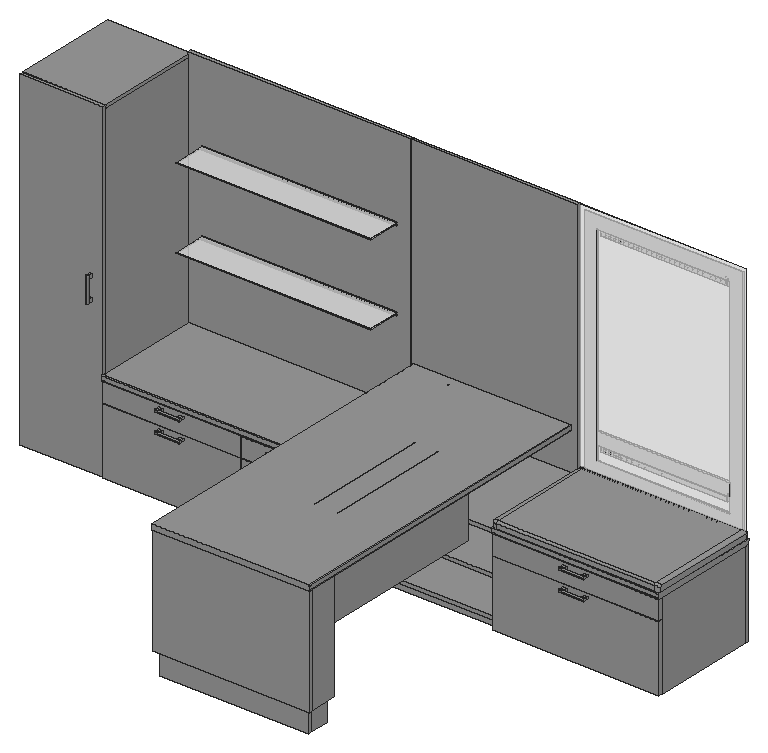
Revit family "JSI-Vision-Typical_Laminate-VST135", category Furniture, Revit 2020 (continued)
Definition of nested family "JSI-Vision-Wall_Panel_Markerboard_Laminate-Glass_Shelf"
  Automatic sketch dimensions
    plane 1 "Center Front/Back" to Extrusion 4 sketch curve = 0.03197"  (x14)
    Extrusion 5 sketch curve to plane 1 "Center Front/Back" = 0"  (x2)
    Extrusion 5 sketch curve to Extrusion 5 sketch curve = 0.03197"  (x14)
    Extrusion 6 sketch curve to plane 1 "Center Front/Back" = 0"  (x2)
    Extrusion 6 sketch curve to Extrusion 6 sketch curve = 0.03197"  (x14)
    Extrusion 6 sketch curve to plane 5 = 2 7/8"
    plane 8 to Extrusion 6 sketch curve = 4 7/8"
    Extrusion 7 sketch curve to plane 7 = 0"
    plane 7 to Extrusion 7 sketch curve = 0.03875"  (x2)
    plane 1 "Center Front/Back" to Extrusion 7 sketch curve = 0.18812"
    Extrusion 7 sketch curve to plane 10 = 0.11811"
    Extrusion 7 sketch curve to Extrusion 7 sketch curve = 0.03875"
    plane 10 to Extrusion 7 sketch curve = 0.07874"
    plane 10 to Extrusion 7 sketch curve = 0.11811"
    plane 10 to Extrusion 8 sketch curve = 0.1829"
    plane 1 "Center Front/Back" to Extrusion 8 sketch curve = 0.99939"
    Extrusion 8 sketch curve to plane 10 = 0.1829"
    Extrusion 8 sketch curve to Extrusion 8 sketch curve = 0"
    Extrusion 8 sketch curve to Extrusion 8 sketch curve = 0.26706"  (x2)
    Extrusion 8 sketch curve to Extrusion 8 sketch curve = 0.16855"  (x2)
    plane 1 "Center Front/Back" to Extrusion 8 sketch curve = 0.2"  (x2)
    plane 1 "Center Front/Back" to Extrusion 8 sketch curve = 0.12906"
    Extrusion 8 sketch curve to Extrusion 8 sketch curve = 0.09512"  (x2)
    plane 1 "Center Front/Back" to Extrusion 8 sketch curve = 0.03647"
    Extrusion 8 sketch curve to Extrusion 8 sketch curve = 0.15251"  (x2)
    Extrusion 8 sketch curve to Extrusion 8 sketch curve = 0.4589"  (x2)
    Extrusion 8 sketch curve to Extrusion 8 sketch curve = 0.07343"  (x2)
    Extrusion 8 sketch curve to Extrusion 8 sketch curve = 0.47224"  (x2)
Definition of nested family "JSI-Vision-Box_File_Modular_Bench_Pedestal"
  Parameters (values of type "Type Catalog")
    Width = 18"
    URL = "www.jsifurniture.com"
    Top = none
    Tag = "BF"
    Series = "Vision Casegoods"  # constant formula
    Pull Finish = none
    Model = "Type Catalog"
    Manufacturer = "JSI"  # constant formula
    Keynote = "12500"
    JSI Enviromental Website = "http://www.jsifurniture.com/jsi_sustainability_intro.php"
    Height = 18 3/4"
    Description = "Type Catalog"
    Depth = 18"
    Default Elevation = 0"
    Chassis = none
    Drawer Front = none
    Assembly Code = "E2020200"
  Reference planes (in)
    plane 1 "Center Front/Back": y = 0
    plane 2: z = 0
    plane 3 "Center Left/Right": x = 0
    plane 4: x = 18
    plane 5: y = -17.12
    plane 6: y = -17.25
    plane 7: x = 0.0625
    plane 8: x = 17.9375
    plane 9: y = -18
    plane 10: z = 0.14
    plane 11: z = 14.3909
    plane 12: z = 14.5159
    plane 13: x = 0.75
    plane 14: x = 17.25
    plane 15: y = -0.75
    plane 16: y = -16.37913
    plane 17: x = 9
    plane 18: z = 18.75
    plane 19: z = 18.6409
    plane 20: z = 18
  Forms (in)
    Extrusion 1, solid, material <- "Chassis"
      sketch origin (0.125, -0.1875, 48) x (0, 1, 0) y (0, 0, 1)
        loop
          line (-0.5625, -29.25) -> (-16.9325, -29.25) -> (-16.9325, -48) -> (-0.5625, -48) -> (-0.5625, -29.25)
      from -0.125 to 0.625
    Extrusion 2, solid, material <- "Chassis"
      sketch origin (29.875, -0.1875, 48) x (0, 1, 0) y (0, 0, 1)
        loop
          line (-0.5625, -29.25) -> (-16.9325, -29.25) -> (-16.9325, -48) -> (-0.5625, -48) -> (-0.5625, -29.25)
      from -12.625 to -11.875
    Extrusion 3, solid, material <- "Drawer Front"
      sketch origin (0, 0, 0) x (1, 0, 0) y (0, 0, 1)
        loop
          line (0.0625, 18.6409) -> (0.0625, 14.5159) -> (17.9375, 14.5159) -> (17.9375, 18.6409) -> (0.0625, 18.6409)
        loop
          line (0.0625, 14.3909) -> (0.0625, 0.14) -> (17.9375, 0.14) -> (17.9375, 14.3909) -> (0.0625, 14.3909)
      from 17.25 to 18
    Extrusion 4, solid, material <- "Chassis"
      sketch origin (0, 0, 0) x (1, 0, 0) y (0, 1, 0)
        loop
          line (0.75, -16.37913) -> (0.75, -17.12) -> (17.25, -17.12) -> (17.25, -16.37913) -> (0.75, -16.37913)
      from 0 to 1.9375
    Extrusion 5, solid, material <- "Top"
      sketch origin (0, 0, 0) x (0, 1, 0) y (0, 0, 1)
        loop
          line (-1.5, 18.75) -> (-17.12, 18.75) -> (-17.12, 18) -> (-1.5, 18) -> (-1.5, 18.75)
      from 0.75 to 17.25
    Extrusion 6, solid, material <- "Chassis"
      sketch origin (0, 0, 0) x (0, 1, 0) y (0, 0, 1)
        loop
          line (-1.5, 13.75) -> (-0.75, 13.75) -> (-0.75, 18.75) -> (-1.5, 18.75) -> (-1.5, 13.75)
        loop
          line (-1.5, 0) -> (-0.75, 0) -> (-0.75, 5) -> (-1.5, 5) -> (-1.5, 0)
      from 0.75 to 17.25
  Lines and regions (in)
    symbolic lines
      curve 1: line (0, 0, 0) -> (18, 0, 0)
      curve 2: line (0, -17.12, 0) -> (0, 0, 0)
      curve 3: line (18, -17.12, 0) -> (0, -17.12, 0)
      curve 4: line (18, 0, 0) -> (18, -17.12, 0)
      curve 5: line (0.0625, -17.25, 0) -> (17.9375, -17.25, 0)
      curve 6: line (0.0625, -18, 0) -> (0.0625, -17.25, 0)
      curve 7: line (17.9375, -18, 0) -> (0.0625, -18, 0)
      curve 8: line (17.9375, -17.25, 0) -> (17.9375, -18, 0)
  Dimensions and locks (in)
    plane 16 to plane 5 to plane 6 to plane 9 = 0.74087" locked, 0.13" locked, 3/4" locked
    "Depth": plane 1 "Center Front/Back" to plane 9
    locked: plane 19 to plane 18 at 0.1091
    "Width": plane 3 "Center Left/Right" to plane 4
    equal spacing: plane 3 "Center Left/Right", plane 17, plane 4
    plane 1 "Center Front/Back" to plane 15 = 3/4"
    "Height": plane 18 to level
    locked: plane 18 to plane 20 at 0.75
    locked: plane 12 to plane 11 at 0.125
    plane 19 to plane 12 to plane 10 to plane 2 = 4 1/8" locked, 14.3759" locked, 0.14" locked
    plane 3 "Center Left/Right" to plane 7 to plane 13 = 1/16" locked, 11/16" locked
    plane 14 to plane 8 to plane 4 = 11/16" locked, 1/16" locked
    locked: Extrusion 6 sketch curve to plane 2 at 5
    locked: Extrusion 6 sketch curve to plane 18 at 5
    locked: plane 15 to Extrusion 6 sketch curve at 0.75
    locked: Extrusion 3 to nested 2 at 0.75
    locked: Extrusion 3 to nested 1 at 0.75
    aligned and locked: level to plane 2
    aligned and locked: plane 15 to Extrusion 1 sketch curve
    aligned and locked: Extrusion 1 sketch curve to plane 5
    aligned and locked: Extrusion 1 sketch curve to level
    aligned and locked: plane 13 to Extrusion 1
    aligned and locked: Extrusion 2 sketch curve to plane 15
    aligned and locked: level to Extrusion 2 sketch curve
    aligned and locked: plane 5 to Extrusion 2 sketch curve
    aligned and locked: Extrusion 3 sketch curve to plane 7  (x2)
    aligned and locked: plane 8 to Extrusion 3 sketch curve  (x2)
    aligned and locked: plane 12 to Extrusion 3 sketch curve
    aligned and locked: Extrusion 3 sketch curve to plane 11
    aligned and locked: plane 10 to Extrusion 3 sketch curve
    aligned and locked: Extrusion 3 to plane 9
    aligned and locked: plane 6 to Extrusion 3
    aligned and locked: Extrusion 4 sketch curve to plane 16
    aligned and locked: plane 13 to Extrusion 4 sketch curve
    aligned and locked: nested 1 to plane 9
    aligned and locked: nested 2 to plane 9
    aligned and locked: nested 2 to plane 17
    aligned and locked: nested 1 to plane 17
    aligned and locked: plane 17 to nested 3
    aligned and locked: nested 3 to plane 9
    aligned and locked: plane 18 to Extrusion 2
    aligned and locked: plane 18 to Extrusion 1
    aligned and locked: plane 19 to Extrusion 3 sketch curve
    aligned and locked: Extrusion 1 to plane 3 "Center Left/Right"
    aligned and locked: plane 3 "Center Left/Right" to curve 2
    aligned and locked: plane 1 "Center Front/Back" to curve 1
    aligned and locked: plane 4 to Extrusion 2
    aligned and locked: curve 4 to plane 4
    aligned and locked: Extrusion 5 sketch curve to plane 18
    aligned and locked: Extrusion 2 to plane 14
    aligned and locked: Extrusion 5 to plane 5
    aligned and locked: plane 14 to Extrusion 5
    aligned and locked: Extrusion 6 sketch curve to Extrusion 6 sketch curve  (x2)
    aligned and locked: plane 15 to Extrusion 6 sketch curve
    aligned and locked: plane 18 to Extrusion 6 sketch curve
    aligned and locked: Extrusion 6 sketch curve to plane 2
    aligned and locked: Extrusion 6 to Extrusion 5 sketch curve
    aligned and locked: Extrusion 6 to plane 13
    aligned and locked: plane 14 to Extrusion 6
  Automatic sketch dimensions
    Extrusion 4 sketch curve to plane 5 = 0"
    Extrusion 4 sketch curve to plane 14 = 0"
    curve 6 to plane 6 = 0"
    curve 6 to plane 7 = 0"
    curve 5 to plane 8 = 0"
    curve 6 to plane 9 = 0"
    curve 2 to plane 5 = 0"
    Extrusion 1 sketch curve to plane 18 = 0"
    Extrusion 2 sketch curve to plane 18 = 0"
    Extrusion 5 sketch curve to Extrusion 5 sketch curve = 3/4"
    plane 9 to Extrusion 5 sketch curve = 0.88"
  Nested families (in)
    nested 1: "Bar Pull" at (9, -18, 13.6409), Pull Finish <- "Pull Finish", type "PL"
      with Pull Finish none
    nested 2: "Bar Pull" at (9, -18, 17.8909), Pull Finish <- "Pull Finish", type "PL"
      with Pull Finish none
    nested 3: "Label 1-16" at (9, -18, 0), type "DRWCFG"
  Definition of nested family "Bar Pull"
    Parameters
      Pull Finish [instance] = none
      Default Elevation = 0"
    Reference planes (in)
      plane 1 "Center Front/Back": y = 0
      plane 2: z = 0
      plane 3 "Center Left/Right": x = 0
      plane 4: x = -2.68731
      plane 5: x = -1.88731
      plane 6: x = 2.68731
      plane 7: x = 1.88731
      plane 8: y = -1
      plane 9: y = -0.85202
    Forms (in)
      Extrusion 1, solid, material <- "Pull Finish"
        sketch origin (0, 0, 0) x (0, 1, 0) y (0, 0, 1)
          loop
            line (0, -0.2015) -> (0, 0.2015) -> (-0.85202, 0.2015)
            arc (-0.85202, 0.2015) -> (-0.75, 0) -> (-0.85202, -0.2015) r 0.25
            line (-0.85202, -0.2015) -> (0, -0.2015)
        from 1.88731 to 2.68731
      Extrusion 2, solid, material <- "Pull Finish"
        sketch origin (0, 0, 0) x (0, 1, 0) y (0, 0, 1)
          loop
            circle (-1, 0) r 0.25
        from -2.68731 to 2.68731
      Extrusion 3, solid, material <- "Pull Finish"
        sketch origin (0, 0, 0) x (0, 1, 0) y (0, 0, -1)
          loop
            line (0, 0.2015) -> (-0.85202, 0.2015)
            arc (-0.85202, 0.2015) -> (-0.75, 0) -> (-0.85202, -0.2015) r 0.25
            line (-0.85202, -0.2015) -> (0, -0.2015) -> (0, 0.2015)
        from 1.88731 to 2.68731
    Dimensions and locks (in)
      plane 4 to plane 5 to plane 3 "Center Left/Right" to plane 7 to plane 6 = 0.8" locked, 1.88731" locked, 1.88731" locked, 0.8" locked
      plane 8 to plane 9 to plane 1 "Center Front/Back" = 0.14798" locked, 0.85202" locked
      aligned and locked: level to plane 2
      aligned and locked: plane 4 to Extrusion 3
      aligned and locked: Extrusion 3 to plane 5
      aligned and locked: plane 4 to Extrusion 2
      aligned and locked: Extrusion 1 to plane 7
      aligned and locked: plane 6 to Extrusion 1
      aligned and locked: plane 6 to Extrusion 2
      aligned and locked: plane 8 to Extrusion 2 sketch curve
      aligned and locked: Extrusion 3 to plane 1 "Center Front/Back"
      aligned and locked: Extrusion 1 to plane 1 "Center Front/Back"
      aligned and locked: plane 5 to Extrusion 3
      aligned and locked: Extrusion 3 to plane 4
      aligned and locked: Extrusion 2 to plane 4
      aligned and locked: plane 7 to Extrusion 1
      aligned and locked: Extrusion 1 to plane 6
      aligned and locked: Extrusion 2 to plane 6
  Definition of nested family "Label 1-16"
    Parameters
      Width = 1"
      Model Name = "FF"
    Reference planes (in)
      plane 1: y = 0
      plane 2: x = 0
    Text (in)
      label "XX" at (0.00051, -0.12324, 0), shows "Model Name"
Definition of nested family "JSI-Vision-Bench_Height_Modular_Top"
  Parameters (values of type "Type Catalog")
    Worksurface = none
    Width = 42"
    URL = "www.jsifurniture.com"
    Type Comments = ""
    Series = "Vision Casegoods"  # constant formula
    Model = "Type Catalog"
    Material = ""
    Manufacturer = "JSI"  # constant formula
    Keynote = "12500"
    JSI Enviromental Website = "http://www.jsifurniture.com/jsi_sustainability_intro.php"
    Height = 19 1/2"
    Description = "Type Catalog"
    Depth = 30"
    Default Elevation = 0"
    Assembly Code = "E2020200"
  Reference planes (in)
    plane 1 "Center Front/Back": y = 0
    plane 2: z = 0
    plane 3 "Center Left/Right": x = 0
    plane 4: z = 0
    plane 5: x = 42
    plane 6: y = -30
    plane 7: z = 20.6875
    plane 8: z = 19.5
  Forms (in)
    Extrusion 1, solid, material <- "Worksurface"
      sketch origin (0, 0, 28) x (0, 1, 0) y (0, 0, 1)
        loop
          line (-29.88189, -8.5) -> (0, -8.5) -> (0, -7.3125) -> (-29.88189, -7.3125)
          arc (-29.88189, -7.3125) -> (-29.96541, -7.34709) -> (-30, -7.43061) r 0.11811
          line (-30, -7.43061) -> (-30, -8.38189)
          arc (-30, -8.38189) -> (-29.96541, -8.46541) -> (-29.88189, -8.5) r 0.11811
      from 0 to 42
  Lines and regions (in)
    symbolic lines
      curve 1: line (0, 0, 0) -> (42, 0, 0)
      curve 2: line (0, -30, 0) -> (0, 0, 0)
      curve 3: line (42, -30, 0) -> (0, -30, 0)
      curve 4: line (42, 0, 0) -> (42, -30, 0)
  Dimensions and locks (in)
    "Depth": plane 6 to plane 1 "Center Front/Back"
    "Width": plane 5 to plane 3 "Center Left/Right"
    locked: plane 7 to plane 8 at 1.1875
    "Height": plane 8 to level
    aligned and locked: level to plane 2
    aligned and locked: plane 5 to Extrusion 1
    aligned and locked: curve 1 to Extrusion 1
    aligned and locked: curve 2 to Extrusion 1
    aligned and locked: plane 6 to curve 3
    aligned and locked: curve 4 to plane 5
    aligned and locked: Extrusion 1 to plane 8
    aligned and locked: Extrusion 1 to plane 7
  Automatic sketch dimensions
    Extrusion 1 sketch curve to plane 6 = 0"
    level to Extrusion 1 sketch curve = 19 1/2"
    Extrusion 1 sketch curve to plane 7 = 0"
    Extrusion 1 sketch curve to plane 1 "Center Front/Back" = 0"
    Extrusion 1 sketch curve to Extrusion 1 sketch curve = 0.11811"
    plane 6 to Extrusion 1 sketch curve = 0.11811"
Definition of nested family "JSI-Vision-Adj_Height_Peninsula_Desk-Credenza"
  Parameters (values of type "VSTB3672-AH24PDR, Adj Height Peninsula Desk Credenza 20"H, 72"W")
    Width = 72"
    Upper Leg Finish = none
    Upper Case Finish = none
    URL = "www.jsifurniture.com"
    Type Comments = ""
    Top Finish = none
    Support Finish = none
    Side Finish = none
    Shelf Finish = none
    Series = "Vision Casegoods"  # constant formula
    Rail Finish = none
    Modesty Finish = none
    Model = "VSTB3672-AH24PDR"
    Manufacturer = "JSI"  # constant formula
    Low Leg Finish = none
    Low Case Finish = none
    Keynote = "12500"  # constant formula
    JSI Enviromental Website = "http://www.jsifurniture.com/jsi_sustainability_intro.php"
    Height = 29 1/2"
    Grommet Finish = none
    Divider Finish = none
    Description = "Adj Height Peninsula Desk Credenza Laminate - 72\"W x 36\"D x Adj Height"
    Depth = 36"
    Default Elevation = 0"
    Back Finish = none
    Assembly Code = "E2020200"
  Types (2): name | Model | Description
    VSTB3672-AH24PDR, Adj Height Peninsula Desk Credenza 20"H, 72"W | "VSTB3672-AH24PDR" | "Adj Height Peninsula Desk Credenza Laminate - 72\"W x 36\"D x Adj Height"
    VSVB3672-AH24PDR, Adj Height Peninsula Desk Credenza 20"H, 72"W | "VSVB3672-AH24PDR" | "Adj Height Peninsula Desk Credenza Venner - 72\"W x 36\"D x Adj Height"
  Reference planes (in)
    plane 1 "Center Front/Back": y = 0
    plane 2: z = 0
    plane 3 "Center Left/Right": x = 0
    plane 4: z = 0
    plane 5: x = 72
    plane 6: z = 29.5
    plane 7: y = -36
    plane 8: z = 28.3125
    plane 9: y = -18
  Forms (in)
    Extrusion 1, solid, material <- "Top Finish"
      sketch origin (0, 0, 0) x (0, 1, 0) y (0, 0, 1)
        loop
          arc (-35, 28.43061) -> (-34.96541, 28.34709) -> (-34.88189, 28.3125) r 0.11811
          line (-34.88189, 28.3125) -> (-1.125, 28.3125)
          arc (-1.125, 28.3125) -> (-1.03661, 28.34911) -> (-1, 28.4375) r 0.125
          line (-1, 28.4375) -> (-1, 29.375)
          arc (-1, 29.375) -> (-1.03661, 29.46339) -> (-1.125, 29.5) r 0.125
          line (-1.125, 29.5) -> (-34.88189, 29.5)
          arc (-34.88189, 29.5) -> (-34.96541, 29.46541) -> (-35, 29.38189) r 0.11811
          line (-35, 29.38189) -> (-35, 28.43061)
      from 1.53913 to 72
    Extrusion 2, solid, material <- "Top Finish"
      sketch origin (0, 0, 0) x (1, 0, 0) y (0, 0, 1)
        loop
          line (0, 19.53125) -> (0, 18.78125) -> (23.75, 18.78125) -> (23.75, 19.53125) -> (0, 19.53125)
      from 0 to 36
    Extrusion 3, solid, material <- "Shelf Finish"
      sketch origin (0, 0, 0) x (0, 1, 0) y (0, 0, 1)
        loop
          line (-0.8125, 18.03125) -> (-0.8125, 18.78125) -> (-35.1875, 18.78125) -> (-35.1875, 18.03125) -> (-0.8125, 18.03125)
      from 0.75 to 22.875
    Extrusion 4, solid, material <- "Side Finish"
      sketch origin (0, 0, 0) x (1, 0, 0) y (0, 1, 0)
        loop
          line (22.875, -0.8125) -> (22.875, -0.0625) -> (0.75, -0.0625) -> (0.75, -0.8125) -> (22.875, -0.8125)
        loop
          line (22.875, -35.1875) -> (0.75, -35.1875) -> (0.75, -35.9375) -> (22.875, -35.9375) -> (22.875, -35.1875)
      from 0 to 18.78125
    Extrusion 5, solid, material <- "Back Finish"
      sketch origin (0, 0, 0) x (1, 0, 0) y (0, 1, 0)
        loop
          line (0.75, -35.9375) -> (0.75, -0.0625) -> (0, -0.0625) -> (0, -35.9375) -> (0.75, -35.9375)
      from 0 to 18.78125
    Extrusion 6, solid, material <- "Divider Finish"
      sketch origin (0, 0, 0) x (1, 0, 0) y (0, 0, 1)
        loop
          line (9.42028, 1.96875) -> (9.42028, 15.96875) -> (8.67028, 15.96875) -> (8.67028, 1.96875) -> (9.42028, 1.96875)
      from 0.8125 to 35.1875
    Extrusion 7, solid, material <- "Shelf Finish"
      sketch origin (0, 0, 0) x (1, 0, 0) y (0, 0, 1)
        loop
          line (22.42028, 9.98844) -> (9.42028, 9.98844) -> (9.42028, 9.23844) -> (22.42028, 9.23844) -> (22.42028, 9.98844)
        loop
          line (22.75, 1.96875) -> (0.75, 1.96875) -> (0.75, 1.21875) -> (22.75, 1.21875) -> (22.75, 1.96875)
      from 0.8125 to 35.1875
    Extrusion 8, solid, material <- "Upper Case Finish"
      sketch origin (0, 0, 0) x (1, 0, 0) y (0, 1, 0)
        loop
          line (71.09769, -1.125) -> (71.09769, -34.875) -> (71.84769, -34.875) -> (71.84769, -1.125) -> (71.09769, -1.125)
      from 4.84375 to 28.3125
    Extrusion 9, solid, material <- "Low Case Finish"
      sketch origin (0, 0, 0) x (1, 0, 0) y (0, 1, 0)
        loop
          line (70.22269, -2.03125) -> (70.22269, -33.96875) -> (70.97269, -33.96875) -> (70.97269, -2.03125) -> (70.22269, -2.03125)
        loop
          line (66.80241, -33.1875) -> (66.80241, -2.8125) -> (66.05241, -2.8125) -> (66.05241, -33.1875) -> (66.80241, -33.1875)
      from 24.4375 to 0
    Extrusion 10, solid, material <- "Low Case Finish"
      sketch origin (0, 0, 0) x (1, 0, 0) y (0, 1, 0)
        loop
          line (70.22269, -2.0625) -> (66.00394, -2.0625) -> (66.00394, -2.8125) -> (70.22269, -2.8125) -> (70.22269, -2.0625)
        loop
          line (70.22269, -33.1875) -> (66.00394, -33.1875) -> (66.00394, -33.9375) -> (70.22269, -33.9375) -> (70.22269, -33.1875)
      from 0 to 24.4375
    Extrusion 11, solid, material <- "Rail Finish"
      sketch origin (0, 0, 0) x (1, 0, 0) y (0, 0, 1)
        loop
          line (19.625, 1.21875) -> (19.625, 0) -> (22.625, 0) -> (22.625, 1.21875) -> (19.625, 1.21875)
        loop
          line (5.875, 1.21875) -> (2.125, 1.21875) -> (2.125, 0) -> (5.875, 0) -> (5.875, 1.21875)
      from 0.8125 to 35.1875
    Extrusion 12, solid, material <- "Modesty Finish"
      sketch origin (0, 0, 0) x (0, 1, 0) y (0, 0, 1)
        loop
          line (-4.375, 28.3125) -> (-5.125, 28.3125) -> (-5.125, 16.34375) -> (-4.375, 16.34375) -> (-4.375, 28.3125)
      from 25.03519 to 64.78519
    Extrusion 13, solid, material <- "Upper Case Finish"
      sketch origin (0, 0, 0) x (0, 1, 0) y (0, 0, 1)
        loop
          arc (-21.875, 25.46875) -> (-22.05178, 25.54197) -> (-22.125, 25.71875) r 0.25
          line (-22.125, 25.71875) -> (-22.125, 28.3125) -> (-34.09375, 28.3125) -> (-34.09375, 4.84375) -> (-1.90625, 4.84375) -> (-1.90625, 28.3125) -> (-13.875, 28.3125) -> (-13.875, 25.71875)
          arc (-13.875, 25.71875) -> (-13.94822, 25.54197) -> (-14.125, 25.46875) r 0.25
          line (-14.125, 25.46875) -> (-21.875, 25.46875)
      from 65.12894 to 65.87894
    Extrusion 14, solid, material <- "Upper Case Finish"
      sketch origin (0, 0, 0) x (1, 0, 0) y (0, 1, 0)
        loop
          line (65.09769, -1.90625) -> (71.09769, -1.90625) -> (71.09769, -1.15625) -> (65.09769, -1.15625) -> (65.09769, -1.90625)
        loop
          line (71.09769, -34.09375) -> (65.09769, -34.09375) -> (65.09769, -34.84375) -> (71.09769, -34.84375) -> (71.09769, -34.09375)
      from 4.84375 to 28.3125
    Extrusion 15, void
      sketch origin (0, 0, 0) x (1, 0, 0) y (0, 1, 0)
        loop
          line (8.03125, -16.375) -> (6.65625, -16.375)
          arc (6.65625, -16.375) -> (6.47947, -16.44822) -> (6.40625, -16.625) r 0.25
          line (6.40625, -16.625) -> (6.40625, -19.375)
          arc (6.40625, -19.375) -> (6.47947, -19.55178) -> (6.65625, -19.625) r 0.25
          line (6.65625, -19.625) -> (8.03125, -19.625)
          arc (8.03125, -19.625) -> (8.20803, -19.55178) -> (8.28125, -19.375) r 0.25
          line (8.28125, -19.375) -> (8.28125, -16.625)
          arc (8.28125, -16.625) -> (8.20803, -16.44822) -> (8.03125, -16.375) r 0.25
        loop
          arc (2.96875, -16.59379) -> (2.88036, -16.6304) -> (2.84375, -16.71879) r 0.125
          line (2.84375, -16.71879) -> (2.84375, -19.28129)
          arc (2.84375, -19.28129) -> (2.88036, -19.36968) -> (2.96875, -19.40629) r 0.125
          line (2.96875, -19.40629) -> (5.53125, -19.40629)
          arc (5.53125, -19.40629) -> (5.61964, -19.36968) -> (5.65625, -19.28129) r 0.125
          line (5.65625, -19.28129) -> (5.65625, -16.71879)
          arc (5.65625, -16.71879) -> (5.61964, -16.6304) -> (5.53125, -16.59379) r 0.125
          line (5.53125, -16.59379) -> (2.96875, -16.59379)
      from 18.03125 to 19.53125
  Cuts and joins
    Extrusion 15 cuts Extrusion 3
    Extrusion 15 cuts Extrusion 2
  Lines and regions (in)
    symbolic lines
      curve 1: line (1.53913, -1, 0) -> (1.53913, -35, 0)
      curve 2: line (72, -35, 0) -> (72, -1, 0)
      curve 3: line (72, -1, 0) -> (1.53913, -1, 0)
      curve 4: line (1.53913, -35, 0) -> (72, -35, 0)
      curve 5: line (23.75, 0, 0) -> (0, 0, 0)
      curve 6: line (0, 0, 0) -> (0, -36, 0)
      curve 7: line (0, -36, 0) -> (23.75, -36, 0)
      curve 8: line (23.75, -36, 0) -> (23.75, -35, 0)
      curve 9: line (23.75, 0, 0) -> (23.75, -1, 0)
      curve 10: line (23.75, -1, 0) -> (23.75, -35, 0)
      curve 11: line (71.84769, -34.875, 0) -> (71.84769, -1.125, 0)
      curve 12: line (71.84769, -1.125, 0) -> (71.09769, -1.125, 0)
      curve 13: line (71.09769, -1.125, 0) -> (71.09769, -34.875, 0)
      curve 14: line (71.09769, -34.875, 0) -> (71.84769, -34.875, 0)
      curve 15: line (71.09769, -1.15625, 0) -> (65.09769, -1.15625, 0)
      curve 16: line (65.09769, -1.15625, 0) -> (65.09769, -1.90625, 0)
      curve 17: line (65.09769, -1.90625, 0) -> (71.09769, -1.90625, 0)
      curve 18: line (65.87894, -1.90625, 0) -> (65.87894, -34.09375, 0)
      curve 19: line (71.09769, -34.09375, 0) -> (65.87894, -34.09375, 0)
      curve 20: line (65.09769, -34.09375, 0) -> (65.09769, -34.84375, 0)
      curve 21: line (65.09769, -34.84375, 0) -> (71.09769, -34.84375, 0)
      curve 22: line (65.87894, -34.09375, 0) -> (65.87894, -1.90625, 0)
      curve 23: line (25.03519, -5.125, 0) -> (64.78519, -5.125, 0)
      curve 24: line (64.78519, -5.125, 0) -> (64.78519, -4.375, 0)
      curve 25: line (64.78519, -4.375, 0) -> (25.03519, -4.375, 0)
      curve 26: line (25.03519, -4.375, 0) -> (25.03519, -5.125, 0)
  Dimensions and locks (in)
    locked: plane 8 to plane 6 at 1.1875
    "Width": plane 3 "Center Left/Right" to plane 5
    "Depth": plane 7 to plane 1 "Center Front/Back"
    "Height": plane 6 to plane 4
    locked: Extrusion 1 sketch curve to plane 7 at 1
    locked: plane 1 "Center Front/Back" to Extrusion 1 sketch curve at 1
    locked: Extrusion 1 to plane 3 "Center Left/Right" at 1.53913
    locked: Extrusion 2 sketch curve to plane 3 "Center Left/Right" at 23.75
    Extrusion 2 sketch curve to Extrusion 2 sketch curve to plane 4 = 3/4" locked, 18 25/32" locked
    locked: plane 1 "Center Front/Back" to Extrusion 3 sketch curve at 0.8125
    locked: Extrusion 3 sketch curve to plane 7 at 0.8125
    locked: Extrusion 3 sketch curve to Extrusion 2 at 0.75
    plane 7 to Extrusion 4 sketch curve to Extrusion 4 sketch curve = 1/16" locked, 3/4" locked
    Extrusion 4 sketch curve to Extrusion 4 sketch curve to plane 1 "Center Front/Back" = 3/4" locked, 1/16" locked
    locked: plane 3 "Center Left/Right" to Extrusion 5 sketch curve at 0.75
    locked: Extrusion 5 sketch curve to plane 1 "Center Front/Back" at 0.0625
    locked: plane 7 to Extrusion 5 sketch curve at 0.0625
    plane 3 "Center Left/Right" to Extrusion 6 to Extrusion 6 = 8.67028" locked, 3/4" locked
    locked: Extrusion 7 sketch curve to Extrusion 7 sketch curve at 13
    locked: Extrusion 8 sketch curve to plane 1 "Center Front/Back" at 1.125
    locked: plane 7 to Extrusion 8 sketch curve at 1.125
    Extrusion 8 sketch curve to Extrusion 8 sketch curve to plane 5 = 3/4" locked, 0.15231" locked
    Extrusion 8 to plane 4 = 4 27/32"
    Extrusion 9 sketch curve to Extrusion 9 sketch curve to Extrusion 9 sketch curve to Extrusion 9 sketch curve to plane 5 = 3/4" locked, 3.42028" locked, 3/4" locked, 1.02731" locked
    plane 7 to Extrusion 9 sketch curve to Extrusion 9 sketch curve = 2 1/32" locked, 25/32" locked
    Extrusion 9 sketch curve to Extrusion 9 sketch curve to plane 1 "Center Front/Back" = 25/32" locked, 2 1/32" locked
    plane 7 to Extrusion 10 sketch curve to Extrusion 10 sketch curve = 2 1/16" locked, 3/4" locked
    Extrusion 10 sketch curve to Extrusion 10 sketch curve to plane 1 "Center Front/Back" = 3/4" locked, 2 1/16" locked
    Extrusion 10 sketch curve to Extrusion 10 sketch curve to plane 5 = 4 7/32" locked, 1.77731" locked
    Extrusion 7 sketch curve to Extrusion 7 sketch curve to plane 3 "Center Left/Right" = 22" locked, 3/4" locked
    Extrusion 4 to Extrusion 11 sketch curve to Extrusion 11 sketch curve = 1/4" locked, 3" locked
    Extrusion 11 sketch curve to Extrusion 11 sketch curve to plane 3 "Center Left/Right" = 3 3/4" locked, 2 1/8" locked
    locked: Extrusion 12 sketch curve to plane 8 at 11.96875
    plane 1 "Center Front/Back" to Extrusion 12 sketch curve to Extrusion 12 sketch curve = 4 3/8" locked, 3/4" locked
    Extrusion 12 to Extrusion 12 to plane 5 = 39 3/4" locked, 7.21481" locked
    equal spacing: plane 7, plane 9, plane 1 "Center Front/Back"
    plane 7 to Extrusion 14 sketch curve to Extrusion 14 sketch curve = 1 5/32" locked, 3/4" locked
    Extrusion 14 sketch curve to Extrusion 14 sketch curve to plane 5 = 6" locked, 0.90231" locked
    plane 3 "Center Left/Right" to Extrusion 15 sketch curve to Extrusion 15 sketch curve to Extrusion 15 sketch curve to Extrusion 15 sketch curve to Extrusion 15 sketch curve to Extrusion 15 sketch curve = 2 27/32" locked, 2 13/16" locked, 3/4" locked, 1/4" locked, 1 3/8" locked, 1/4" locked
    Extrusion 15 sketch curve to Extrusion 15 sketch curve to plane 9 to Extrusion 15 sketch curve to Extrusion 15 sketch curve = 1/4" locked, 1 3/8" locked, 1 3/8" locked, 1/4" locked
    locked: plane 6 to Extrusion 14 at 24.65625
    aligned and locked: level to plane 2
    aligned and locked: plane 6 to Extrusion 1 sketch curve
    aligned and locked: plane 8 to Extrusion 1 sketch curve
    aligned and locked: plane 3 "Center Left/Right" to Extrusion 2 sketch curve
    aligned and locked: Extrusion 2 to plane 1 "Center Front/Back"
    aligned and locked: plane 7 to Extrusion 2
    aligned and locked: Extrusion 3 sketch curve to Extrusion 2
    aligned and locked: Extrusion 4 sketch curve to Extrusion 4 sketch curve  (x2)
    aligned and locked: Extrusion 4 to Extrusion 2
    aligned and locked: Extrusion 4 to plane 4
    aligned and locked: Extrusion 5 sketch curve to plane 3 "Center Left/Right"
    aligned and locked: Extrusion 5 to plane 4
    aligned and locked: Extrusion 5 to Extrusion 2
    aligned and locked: Extrusion 3 to Extrusion 5
    aligned and locked: Extrusion 4 to Extrusion 3
    aligned and locked: Extrusion 7 to Extrusion 6
    aligned and locked: Extrusion 8 to plane 8
    aligned and locked: Extrusion 10 sketch curve to Extrusion 10 sketch curve  (x2)
    aligned and locked: Extrusion 7 to Extrusion 4  (x2)
    aligned and locked: Extrusion 11 sketch curve to Extrusion 7
    aligned and locked: Extrusion 7 to Extrusion 11 sketch curve
    aligned and locked: Extrusion 11 sketch curve to plane 4
    aligned and locked: plane 4 to Extrusion 11 sketch curve
    aligned and locked: Extrusion 11 to Extrusion 4  (x2)
    aligned and locked: Extrusion 12 sketch curve to plane 8
    aligned and locked: Extrusion 13 sketch curve to plane 8  (x2)
    aligned and locked: Extrusion 14 sketch curve to Extrusion 14 sketch curve  (x2)
    aligned and locked: Extrusion 13 to Extrusion 14  (x2)
    aligned and locked: Extrusion 14 to Extrusion 13
    aligned and locked: Extrusion 14 to plane 8
    aligned and locked: Extrusion 2 to nested 2
    aligned and locked: Extrusion 2 to Extrusion 15
    aligned and locked: Extrusion 3 to Extrusion 15
    aligned and locked: Extrusion 8 to Extrusion 14
    aligned and locked: cut or joined group of Extrusion 3, Extrusion 15 to Extrusion 6  (x2)
    aligned and locked: curve 1 to Extrusion 1
    aligned and locked: curve 2 to Extrusion 1
    aligned and locked: curve 3 to Extrusion 1
    aligned and locked: curve 4 to Extrusion 1
    aligned and locked: curve 11 to Extrusion 8
    aligned and locked: curve 12 to Extrusion 8
    aligned and locked: curve 13 to Extrusion 8
    aligned and locked: curve 14 to Extrusion 8
    aligned and locked: curve 23 to Extrusion 12
    aligned and locked: curve 24 to Extrusion 12
    aligned and locked: curve 25 to Extrusion 12
    aligned and locked: curve 26 to Extrusion 12
  Automatic sketch dimensions
    Extrusion 1 sketch curve to Extrusion 1 sketch curve = 0.11811"  (x2)
    Extrusion 1 sketch curve to plane 8 = 1/8"
    Extrusion 1 sketch curve to Extrusion 1 sketch curve = 0"
    plane 3 "Center Left/Right" to Extrusion 4 sketch curve = 3/4"
    Extrusion 4 sketch curve to Extrusion 4 sketch curve = 22 1/8"
    level to Extrusion 6 sketch curve = 1 31/32"
    plane 3 "Center Left/Right" to Extrusion 6 sketch curve = 8.67028"
    Extrusion 6 sketch curve to Extrusion 6 sketch curve = 3/4"
    plane 8 to Extrusion 6 sketch curve = 12 11/32"
    level to Extrusion 7 sketch curve = 9.23844"
    Extrusion 7 sketch curve to Extrusion 7 sketch curve = 3/4"  (x2)
    level to Extrusion 7 sketch curve = 1 31/32"
    Extrusion 7 sketch curve to Extrusion 7 sketch curve = 0.32972"
    Extrusion 13 sketch curve to plane 7 = 1 29/32"
    Extrusion 13 sketch curve to plane 9 = 4 1/8"
    Extrusion 13 sketch curve to Extrusion 13 sketch curve = 1/4"  (x2)
    plane 9 to Extrusion 13 sketch curve = 3 7/8"
    plane 1 "Center Front/Back" to Extrusion 13 sketch curve = 1 29/32"
    Extrusion 13 sketch curve to Extrusion 13 sketch curve = 2 19/32"
    level to Extrusion 13 sketch curve = 4 27/32"
    plane 1 "Center Front/Back" to Extrusion 14 sketch curve = 1 29/32"
    Extrusion 14 sketch curve to Extrusion 14 sketch curve = 3/4"
    Extrusion 15 sketch curve to Extrusion 15 sketch curve = 1/4"
    Extrusion 15 sketch curve to Extrusion 15 sketch curve = 1/8"  (x3)
    Extrusion 15 sketch curve to Extrusion 15 sketch curve = 2 9/16"
    plane 9 to Extrusion 15 sketch curve = 1.40621"
    Extrusion 15 sketch curve to Extrusion 15 sketch curve = 0.03129"
    plane 1 "Center Front/Back" to curve 5 = 0"
    curve 5 to plane 3 "Center Left/Right" = 0"
    plane 7 to curve 7 = 0"
    curve 1 to curve 7 = 22.21087"
    curve 20 to plane 7 = 1 5/32"
    curve 20 to curve 21 = 6"
    plane 1 "Center Front/Back" to curve 16 = 1 5/32"
    curve 20 to curve 18 = 25/32"
    curve 20 to curve 19 = 3/4"
    curve 16 to curve 15 = 3/4"
    curve 10 to curve 9 = 0"
    curve 15 to curve 12 = 0"
    curve 20 to curve 18 = 0"
    curve 9 to curve 23 = 1.28519"
    curve 25 to curve 16 = 5/16"
  Nested families (in)
    nested 1: "Mechanism Credenza" at (0, -18, 0) x (0, 1, 0) z (0, 0, 1), Width <- "Width", Height <- "Height", Upper Leg Finish <- "Upper Leg Finish", Low Leg Finish <- "Low Leg Finish", Support Finish <- "Support Finish", type "Mechanism Credenza"
      with Width 72", Upper Leg Finish none, Support Finish none, Low Leg Finish none, Height 29 1/2"
    nested 2: "Top Grommet" at (7.34375, -18, 19.53125) x (0, -1, 0) z (0, 0, 1), Gromett Finish <- "Grommet Finish", type "Top Grommet"
      with Gromett Finish none
  Definition of nested family "Mechanism Credenza"
    Parameters (values of type "Mechanism Credenza")
      Width [instance] = 71.91413"
      Support Finish [instance] = none
      Low Leg Finish [instance] = none
      Height [instance] = 29 1/2"
      Default Elevation = 0"
      Upper Leg Finish [instance] = none
    Reference planes (in)
      plane 1 "Center (Front/Back)": y = 0
      plane 2: z = 0
      plane 3 "Center (Left/Right)": x = 0
      plane 4: z = 29.5
      plane 5: y = -71.91413
    Forms (in)
      Extrusion 1, solid, material <- "Upper Leg Finish"
        sketch origin (0, 0, 0) x (1, 0, 0) y (0, 1, 0)
          loop
            line (1.09518, -3.07875) -> (-1.05049, -3.07875)
            arc (-1.05049, -3.07875) -> (-1.12009, -3.10758) -> (-1.14892, -3.17718) r 0.09843
            line (-1.14892, -3.17718) -> (-1.14892, -5.32285)
            arc (-1.14892, -5.32285) -> (-1.12009, -5.39244) -> (-1.05049, -5.42127) r 0.09843
            line (-1.05049, -5.42127) -> (1.09518, -5.42127)
            arc (1.09518, -5.42127) -> (1.16477, -5.39244) -> (1.1936, -5.32285) r 0.09843
            line (1.1936, -5.32285) -> (1.1936, -3.17718)
            arc (1.1936, -3.17718) -> (1.16477, -3.10758) -> (1.09518, -3.07875) r 0.09843
          loop
            line (1.09518, -67.36147) -> (-1.05049, -67.36147)
            arc (-1.05049, -67.36147) -> (-1.12009, -67.3903) -> (-1.14892, -67.45989) r 0.09843
            line (-1.14892, -67.45989) -> (-1.14892, -69.60556)
            arc (-1.14892, -69.60556) -> (-1.12009, -69.67516) -> (-1.05049, -69.70399) r 0.09843
            line (-1.05049, -69.70399) -> (1.09518, -69.70399)
            arc (1.09518, -69.70399) -> (1.16477, -69.67516) -> (1.1936, -69.60556) r 0.09843
            line (1.1936, -69.60556) -> (1.1936, -67.45989)
            arc (1.1936, -67.45989) -> (1.16477, -67.3903) -> (1.09518, -67.36147) r 0.09843
        from 2.63878 to 26.43059
      Extrusion 2, solid, material <- "Support Finish"
        sketch origin (0, 0, 0) x (0, 1, 0) y (0, 0, 1)
          loop
            line (-2.08391, 26.43059) -> (-2.08391, 28.19439) -> (-10.74533, 28.19439) -> (-10.74533, 28.006) -> (-10.18323, 28.006) -> (-9.68304, 26.43059) -> (-2.08391, 26.43059)
          loop
            line (-70.66868, 26.43059) -> (-63.06954, 26.43059) -> (-62.56935, 28.006) -> (-62.00726, 28.006) -> (-62.00726, 28.19439) -> (-70.66868, 28.19439) -> (-70.66868, 26.43059)
        from -1.89028 to 1.90897
      Extrusion 3, solid, material <- "Low Leg Finish"
        sketch origin (0, 0, 0) x (1, 0, 0) y (0, 1, 0)
          loop
            arc (-1.25894, -2.84375) -> (-1.34733, -2.88036) -> (-1.38394, -2.96875) r 0.125
            line (-1.38394, -2.96875) -> (-1.38394, -5.53125)
            arc (-1.38394, -5.53125) -> (-1.34733, -5.61964) -> (-1.25894, -5.65625) r 0.125
            line (-1.25894, -5.65625) -> (1.30356, -5.65625)
            arc (1.30356, -5.65625) -> (1.39194, -5.61964) -> (1.42856, -5.53125) r 0.125
            line (1.42856, -5.53125) -> (1.42856, -2.96875)
            arc (1.42856, -2.96875) -> (1.39194, -2.88036) -> (1.30356, -2.84375) r 0.125
            line (1.30356, -2.84375) -> (-1.25894, -2.84375)
          loop
            arc (-1.25894, -67.12648) -> (-1.34733, -67.16309) -> (-1.38394, -67.25148) r 0.125
            line (-1.38394, -67.25148) -> (-1.38394, -69.81398)
            arc (-1.38394, -69.81398) -> (-1.34733, -69.90237) -> (-1.25894, -69.93898) r 0.125
            line (-1.25894, -69.93898) -> (1.30356, -69.93898)
            arc (1.30356, -69.93898) -> (1.39194, -69.90237) -> (1.42856, -69.81398) r 0.125
            line (1.42856, -69.81398) -> (1.42856, -67.25148)
            arc (1.42856, -67.25148) -> (1.39194, -67.16309) -> (1.30356, -67.12648) r 0.125
            line (1.30356, -67.12648) -> (-1.25894, -67.12648)
        from 2.34351 to 26.07628
      Extrusion 4, solid, material <- "Support Finish"
        sketch origin (0, 0, 0) x (1, 0, 0) y (0, 0, 1)
          loop
            arc (-3.00155, 28.19439) -> (-3.05752, 28.17121) -> (-3.08071, 28.11524) r 0.07915
            line (-3.08071, 28.11524) -> (-3.08071, 27.09142)
            arc (-3.08071, 27.09142) -> (-3.05782, 27.03617) -> (-3.00258, 27.01329) r 0.07813
            line (-3.00258, 27.01329) -> (-1.97781, 27.01329)
            arc (-1.97781, 27.01329) -> (-1.92257, 27.03617) -> (-1.89968, 27.09142) r 0.07813
            line (-1.89968, 27.09142) -> (-1.89968, 28.11627)
            arc (-1.89968, 28.11627) -> (-1.92257, 28.17151) -> (-1.97781, 28.19439) r 0.07813
            line (-1.97781, 28.19439) -> (-3.00155, 28.19439)
          loop
            line (3.00155, 28.19439) -> (1.97781, 28.19439)
            arc (1.97781, 28.19439) -> (1.92257, 28.17151) -> (1.89968, 28.11627) r 0.07813
            line (1.89968, 28.11627) -> (1.89968, 27.09142)
            arc (1.89968, 27.09142) -> (1.92257, 27.03617) -> (1.97781, 27.01329) r 0.07813
            line (1.97781, 27.01329) -> (3.00258, 27.01329)
            arc (3.00258, 27.01329) -> (3.05782, 27.03617) -> (3.08071, 27.09142) r 0.07813
            line (3.08071, 27.09142) -> (3.08071, 28.11524)
            arc (3.08071, 28.11524) -> (3.05752, 28.17121) -> (3.00155, 28.19439) r 0.07915
        from 2.00714 to 22.37918
      Extrusion 5, solid, material <- "Support Finish"
        sketch origin (0, -17, 0) x (1, 0, 0) y (0, 0, 1)
          loop
            arc (1.97884, 28.19439) -> (1.92287, 28.17121) -> (1.89968, 28.11524) r 0.07915
            line (1.89968, 28.11524) -> (1.89968, 27.09142)
            arc (1.89968, 27.09142) -> (1.92257, 27.03617) -> (1.97781, 27.01329) r 0.07813
            line (1.97781, 27.01329) -> (3.00374, 27.01329)
            arc (3.00374, 27.01329) -> (3.05816, 27.03583) -> (3.08071, 27.09025) r 0.07696
            line (3.08071, 27.09025) -> (3.08071, 28.11627)
            arc (3.08071, 28.11627) -> (3.05782, 28.17151) -> (3.00258, 28.19439) r 0.07813
            line (3.00258, 28.19439) -> (1.97884, 28.19439)
          loop
            line (-1.97884, 28.19439) -> (-3.00258, 28.19439)
            arc (-3.00258, 28.19439) -> (-3.05782, 28.17151) -> (-3.08071, 28.11627) r 0.07813
            line (-3.08071, 28.11627) -> (-3.08071, 27.09142)
            arc (-3.08071, 27.09142) -> (-3.05782, 27.03617) -> (-3.00258, 27.01329) r 0.07813
            line (-3.00258, 27.01329) -> (-1.97781, 27.01329)
            arc (-1.97781, 27.01329) -> (-1.92257, 27.03617) -> (-1.89968, 27.09142) r 0.07813
            line (-1.89968, 27.09142) -> (-1.89968, 28.11524)
            arc (-1.89968, 28.11524) -> (-1.92287, 28.17121) -> (-1.97884, 28.19439) r 0.07915
        from 33.37475 to 53.7468
      Extrusion 6, solid, material <- "Support Finish"
        sketch origin (0.22987, 0, 0) x (0, 1, 0) y (0, 0, 1)
          loop
            line (-1.88903, 26.00187) -> (-1.88903, 28.15611)
            arc (-1.88903, 28.15611) -> (-1.93483, 28.26669) -> (-2.04542, 28.3125) r 0.15639
            line (-2.04542, 28.3125) -> (-4.44808, 28.3125) -> (-4.44808, 28.19439) -> (-2.04533, 28.19439)
            arc (-2.04533, 28.19439) -> (-2.01832, 28.18321) -> (-2.00714, 28.1562) r 0.03819
            line (-2.00714, 28.1562) -> (-2.00714, 26.00187) -> (-1.88903, 26.00187)
          loop
            line (-70.86491, 26.00187) -> (-70.7468, 26.00187) -> (-70.7468, 28.1562)
            arc (-70.7468, 28.1562) -> (-70.73561, 28.18321) -> (-70.70861, 28.19439) r 0.03819
            line (-70.70861, 28.19439) -> (-68.30586, 28.19439) -> (-68.30586, 28.3125) -> (-70.70852, 28.3125)
            arc (-70.70852, 28.3125) -> (-70.8191, 28.26669) -> (-70.86491, 28.15611) r 0.15639
            line (-70.86491, 28.15611) -> (-70.86491, 26.00187)
        from -9.60269 to 9.15282
      Extrusion 7, void
        sketch origin (0, 0, 0) x (1, 0, 0) y (0, 0, 1)
          loop
            line (-2.79029, 26.74713) -> (-8.93675, 27.38618)
            arc (-8.93675, 27.38618) -> (-9.17651, 27.50808) -> (-9.27297, 27.75917) r 0.375
            line (-9.27297, 27.75917) -> (-9.27297, 28.49501) -> (-9.54129, 28.49501) -> (-9.54129, 25.74501) -> (-2.04129, 25.74501) -> (-2.04129, 25.99501)
            arc (-2.04129, 25.99501) -> (-2.30982, 26.09635) -> (-2.42804, 26.3579) r 0.37501
            arc (-2.42804, 26.3579) -> (-2.53617, 26.62045) -> (-2.79029, 26.74713) r 0.40427
          loop
            arc (2.79029, 26.74713) -> (2.53617, 26.62045) -> (2.42804, 26.3579) r 0.40427
            arc (2.42804, 26.3579) -> (2.30982, 26.09635) -> (2.04129, 25.99501) r 0.37501
            line (2.04129, 25.99501) -> (2.04129, 25.74501) -> (9.54129, 25.74501) -> (9.54129, 28.49501) -> (9.27297, 28.49501) -> (9.27297, 27.75917)
            arc (9.27297, 27.75917) -> (9.17651, 27.50808) -> (8.93675, 27.38618) r 0.375
            line (8.93675, 27.38618) -> (2.79029, 26.74713)
        from 0 to 71.91413
      Extrusion 8, solid, material <- "Support Finish"
        sketch origin (0, 0, 0) x (1, 0, 0) y (0, 0, 1)
          loop
            line (-2.95998, 28.19439) -> (-2.95998, 27.49106)
            arc (-2.95998, 27.49106) -> (-2.94367, 27.42126) -> (-2.89811, 27.36592) r 0.15748
            arc (-2.89811, 27.36592) -> (-2.46785, 27.22036) -> (-2.03759, 27.36592) r 0.70866
            arc (-2.03759, 27.36592) -> (-1.99204, 27.42126) -> (-1.97573, 27.49106) r 0.15748
            line (-1.97573, 27.49106) -> (-1.97573, 28.19439) -> (-2.95998, 28.19439)
          loop
            line (2.95998, 28.19439) -> (1.97573, 28.19439) -> (1.97573, 27.49106)
            arc (1.97573, 27.49106) -> (1.99204, 27.42126) -> (2.03759, 27.36592) r 0.15748
            arc (2.03759, 27.36592) -> (2.46785, 27.22036) -> (2.89811, 27.36592) r 0.70866
            arc (2.89811, 27.36592) -> (2.94367, 27.42126) -> (2.95998, 27.49106) r 0.15748
            line (2.95998, 27.49106) -> (2.95998, 28.19439)
        from 19.69808 to 53.05586
      Extrusion 9, void
        sketch origin (0, 0, 0) x (1, 0, 0) y (0, 1, 0)
          loop
            arc (-4.45866, -3.56324) -> (-4.5685, -3.29807) -> (-4.83366, -3.18824) r 0.375
            line (-4.83366, -3.18824) -> (-8.91827, -3.18824)
            arc (-8.91827, -3.18824) -> (-9.15848, -3.09928) -> (-9.28281, -2.87532) r 0.3688
            line (-9.28281, -2.87532) -> (-9.50324, -2.87532) -> (-9.50324, -4.5913) -> (-4.04569, -4.5913) -> (-4.04569, -4.46735)
            arc (-4.04569, -4.46735) -> (-4.33771, -4.3464) -> (-4.45866, -4.05438) r 0.41297
            line (-4.45866, -4.05438) -> (-4.45866, -3.56324)
          loop
            line (4.45866, -3.56324) -> (4.45866, -4.05438)
            arc (4.45866, -4.05438) -> (4.33771, -4.3464) -> (4.04569, -4.46735) r 0.41297
            line (4.04569, -4.46735) -> (4.04569, -4.5913) -> (9.50324, -4.5913) -> (9.50324, -2.87532) -> (9.28281, -2.87532)
            arc (9.28281, -2.87532) -> (9.15848, -3.09928) -> (8.91827, -3.18824) r 0.3688
            line (8.91827, -3.18824) -> (4.83366, -3.18824)
            arc (4.83366, -3.18824) -> (4.5685, -3.29807) -> (4.45866, -3.56324) r 0.375
          loop
            line (-4.45866, -69.1907) -> (-4.45866, -68.69956)
            arc (-4.45866, -68.69956) -> (-4.33771, -68.40754) -> (-4.04569, -68.28659) r 0.41297
            line (-4.04569, -68.28659) -> (-4.04569, -68.16264) -> (-9.50324, -68.16264) -> (-9.50324, -69.87861) -> (-9.28281, -69.87861)
            arc (-9.28281, -69.87861) -> (-9.15848, -69.65466) -> (-8.91827, -69.5657) r 0.3688
            line (-8.91827, -69.5657) -> (-4.83366, -69.5657)
            arc (-4.83366, -69.5657) -> (-4.5685, -69.45586) -> (-4.45866, -69.1907) r 0.375
          loop
            arc (4.45866, -69.1907) -> (4.5685, -69.45586) -> (4.83366, -69.5657) r 0.375
            line (4.83366, -69.5657) -> (8.91827, -69.5657)
            arc (8.91827, -69.5657) -> (9.15848, -69.65466) -> (9.28281, -69.87861) r 0.3688
            line (9.28281, -69.87861) -> (9.50324, -69.87861) -> (9.50324, -68.16264) -> (4.04569, -68.16264) -> (4.04569, -68.28659)
            arc (4.04569, -68.28659) -> (4.33771, -68.40754) -> (4.45866, -68.69956) r 0.41297
            line (4.45866, -68.69956) -> (4.45866, -69.1907)
        from 29.5 to 25.5
    Cuts and joins
      Extrusion 7, Extrusion 9 cuts Extrusion 6
    Lines and regions (in)
      symbolic lines
        curve 1: line (9.27297, -1.88903, 0) -> (-9.27297, -1.88903, 0)
        curve 2: line (-3.08071, -49.98105, 0) -> (-1.89968, -49.98105, 0)
        curve 3: line (-1.89968, -49.98105, 0) -> (-1.89968, -68.30586, 0)
        curve 4: line (-3.08071, -49.98105, 0) -> (-3.08071, -68.30586, 0)
        curve 5: line (3.08071, -49.98105, 0) -> (3.08071, -68.30586, 0)
        curve 6: line (3.08071, -49.98105, 0) -> (1.89968, -49.98105, 0)
        curve 7: line (1.89968, -49.98105, 0) -> (1.89968, -68.30586, 0)
        curve 8: line (-1.89968, -22.77289, 0) -> (-3.08071, -22.77289, 0)
        curve 9: line (-3.08071, -22.77289, 0) -> (-3.08071, -4.44808, 0)
        curve 10: line (-1.89968, -22.77289, 0) -> (-1.89968, -4.44808, 0)
        curve 11: line (1.89968, -22.77289, 0) -> (3.08071, -22.77289, 0)
        curve 12: line (3.08071, -22.77289, 0) -> (3.08071, -4.44808, 0)
        curve 13: line (1.89968, -22.77289, 0) -> (1.89968, -4.44808, 0)
        curve 14: line (-2.95998, -22.77289, 0) -> (-2.95998, -49.98105, 0)
        curve 15: line (-1.97884, -49.98105, 0) -> (-1.97884, -22.76845, 0)
        curve 16: line (1.97781, -22.77289, 0) -> (1.97781, -49.98105, 0)
        curve 17: line (2.95998, -49.98105, 0) -> (2.95998, -22.77289, 0)
        curve 18: line (-8.91827, -3.18824, 0) -> (-4.83366, -3.18824, 0)
        curve 19: arc (-4.83366, -3.18824, 0) -> (-4.5685, -3.29807, 0) -> (-4.45866, -3.56324, 0) r 0.375
        curve 20: line (-4.45866, -3.56324, 0) -> (-4.45866, -4.05438, 0)
        curve 21: arc (-4.45866, -4.05438, 0) -> (-4.37888, -4.29837, 0) -> (-4.17037, -4.44808, 0) r 0.41297
        curve 22: line (-4.17037, -4.44808, 0) -> (4.17037, -4.44808, 0)
        curve 23: arc (4.17037, -4.44808, 0) -> (4.37888, -4.29837, 0) -> (4.45866, -4.05438, 0) r 0.41297
        curve 24: line (4.45866, -4.05438, 0) -> (4.45866, -3.56324, 0)
        curve 25: arc (4.45866, -3.56324, 0) -> (4.5685, -3.29807, 0) -> (4.83366, -3.18824, 0) r 0.375
        curve 26: line (4.83366, -3.18824, 0) -> (8.91827, -3.18824, 0)
        curve 27: arc (8.91827, -3.18824, 0) -> (9.14049, -3.11377, 0) -> (9.27297, -2.92044, 0) r 0.3688
        curve 28: line (9.27297, -2.92044, 0) -> (9.27297, -1.88903, 0)
        curve 29: line (9.27297, -1.88903, 0) -> (-9.27297, -1.88903, 0)
        curve 30: line (-9.27297, -1.88903, 0) -> (-9.27297, -2.92044, 0)
        curve 31: arc (-9.27297, -2.92044, 0) -> (-9.14049, -3.11377, 0) -> (-8.91827, -3.18824, 0) r 0.3688
        curve 32: line (-4.83366, -69.5657, 0) -> (-8.91827, -69.5657, 0)
        curve 33: arc (-8.91827, -69.5657, 0) -> (-9.14049, -69.64016, 0) -> (-9.27297, -69.83349, 0) r 0.3688
        curve 34: line (-9.27297, -69.83349, 0) -> (-9.27297, -70.86491, 0)
        curve 35: line (-9.27297, -70.86491, 0) -> (9.27297, -70.86491, 0)
        curve 36: line (9.27297, -70.86491, 0) -> (9.27297, -69.83349, 0)
        curve 37: arc (9.27297, -69.83349, 0) -> (9.14049, -69.64016, 0) -> (8.91827, -69.5657, 0) r 0.3688
        curve 38: line (8.91827, -69.5657, 0) -> (4.83366, -69.5657, 0)
        curve 39: arc (4.83366, -69.5657, 0) -> (4.5685, -69.45586, 0) -> (4.45866, -69.1907, 0) r 0.375
        curve 40: line (4.45866, -69.1907, 0) -> (4.45866, -68.69956, 0)
        curve 41: arc (4.45866, -68.69956, 0) -> (4.37888, -68.45557, 0) -> (4.17037, -68.30586, 0) r 0.41297
        curve 42: line (4.17037, -68.30586, 0) -> (-4.17037, -68.30586, 0)
        curve 43: arc (-4.17037, -68.30586, 0) -> (-4.37888, -68.45557, 0) -> (-4.45866, -68.69956, 0) r 0.41297
        curve 44: line (-4.45866, -68.69956, 0) -> (-4.45866, -69.1907, 0)
        curve 45: arc (-4.45866, -69.1907, 0) -> (-4.5685, -69.45586, 0) -> (-4.83366, -69.5657, 0) r 0.375
    Dimensions and locks (in)
      plane 2 to Extrusion 3 to Extrusion 3 = 2.34351", 23.73278"
      "Height": plane 2 to plane 4
      Extrusion 1 to Extrusion 1 to plane 4 = 23.79181" locked, 3.06941" locked
      Extrusion 2 sketch curve to Extrusion 2 sketch curve to Extrusion 2 sketch curve to plane 4 = 1.57541" locked, 0.18839" locked, 1.30561" locked  (x2)
      plane 1 "Center (Front/Back)" to Extrusion 4 to Extrusion 8 to Extrusion 4 = 2.00714" locked, 17.69094" locked, 2.6811" locked
      Extrusion 4 sketch curve to Extrusion 4 sketch curve to Extrusion 4 sketch curve to Extrusion 4 sketch curve to plane 3 "Center (Left/Right)" to Extrusion 4 sketch curve to Extrusion 4 sketch curve to Extrusion 4 sketch curve to Extrusion 4 sketch curve = 0.07915" locked, 1.02374" locked, 5/64" locked, 1.89968" locked, 1.89968" locked, 5/64" locked, 1.02374" locked, 0.07915" locked
      plane 4 to Extrusion 4 sketch curve to Extrusion 4 sketch curve to Extrusion 4 sketch curve to Extrusion 4 sketch curve = 1.30561" locked, 0.07915" locked, 1.02382" locked, 5/64" locked
      plane 1 "Center (Front/Back)" to Extrusion 2 sketch curve to Extrusion 2 sketch curve to Extrusion 2 sketch curve to Extrusion 2 sketch curve = 2.08391" locked, 7.59913" locked, 0.50019" locked, 0.5621" locked
      Extrusion 3 sketch curve to plane 3 "Center (Left/Right)" to Extrusion 3 sketch curve = 1.38394" locked, 1.42856" locked
      Extrusion 3 sketch curve to Extrusion 3 sketch curve to plane 1 "Center (Front/Back)" = 2 13/16" locked, 2 27/32" locked
      Extrusion 3 sketch curve to Extrusion 3 sketch curve to plane 5 = 2 13/16" locked, 1.97515" locked
      Extrusion 1 sketch curve to Extrusion 1 sketch curve to plane 5 = 2.34252" locked, 2.21014" locked
      Extrusion 5 to Extrusion 8 to Extrusion 5 to plane 5 = 2.6811" locked, 17.69094" locked, 1.16733" locked
      Extrusion 5 sketch curve to Extrusion 5 sketch curve to Extrusion 5 sketch curve to Extrusion 5 sketch curve to Extrusion 5 sketch curve to Extrusion 5 sketch curve to Extrusion 5 sketch curve to Extrusion 5 sketch curve = 5/64" locked, 1.02374" locked, 0.07915" locked, 3.79937" locked, 0.07915" locked, 1.02374" locked, 5/64" locked
      plane 4 to Extrusion 5 sketch curve to Extrusion 5 sketch curve to Extrusion 5 sketch curve to Extrusion 5 sketch curve = 1.30561" locked, 0.07915" locked, 1.02382" locked, 5/64" locked
      plane 1 "Center (Front/Back)" to Extrusion 6 sketch curve to Extrusion 6 sketch curve to Extrusion 6 sketch curve to Extrusion 6 sketch curve = 1.88903" locked, 0.11811" locked, 0.03819" locked, 2.40275" locked
      Extrusion 6 sketch curve to Extrusion 6 sketch curve to Extrusion 6 sketch curve to Extrusion 6 sketch curve to plane 5 = 2.40275" locked, 0.03819" locked, 0.11811" locked, 1.04922" locked
      Extrusion 6 to plane 3 "Center (Left/Right)" to Extrusion 6 = 9.37282" locked, 9.38268" locked
      Extrusion 7 sketch curve to Extrusion 7 sketch curve to Extrusion 7 sketch curve to Extrusion 7 sketch curve to Extrusion 7 sketch curve to Extrusion 7 sketch curve to plane 3 "Center (Left/Right)" to Extrusion 7 sketch curve to Extrusion 7 sketch curve to Extrusion 7 sketch curve to Extrusion 7 sketch curve to Extrusion 7 sketch curve to Extrusion 7 sketch curve = 0.26831" locked, 3/8" locked, 6.06587" locked, 0.77888" locked, 0.01193" locked, 2.04129" locked, 2.04129" locked, 0.01193" locked, 0.77888" locked, 6.06587" locked, 3/8" locked, 0.26831" locked
      plane 4 to Extrusion 7 sketch curve to Extrusion 7 sketch curve to Extrusion 7 sketch curve to Extrusion 7 sketch curve to Extrusion 7 sketch curve = 1.00499" locked, 0.73585" locked, 1.38933" locked, 0.0248" locked, 0.60002" locked
      plane 5 to Extrusion 2 sketch curve to Extrusion 2 sketch curve to Extrusion 2 sketch curve to Extrusion 2 sketch curve = 1.24545" locked, 7.59913" locked, 0.50019" locked, 0.5621" locked
      plane 4 to Extrusion 8 sketch curve to Extrusion 8 sketch curve to Extrusion 8 sketch curve to Extrusion 8 sketch curve = 1.30561" locked, 0.26537" locked, 0.43796" locked, 0" locked
      Extrusion 8 sketch curve to Extrusion 8 sketch curve to Extrusion 8 sketch curve to Extrusion 8 sketch curve to Extrusion 8 sketch curve to plane 3 "Center (Left/Right)" to Extrusion 8 sketch curve to Extrusion 8 sketch curve to Extrusion 8 sketch curve to Extrusion 8 sketch curve to Extrusion 8 sketch curve = 0.15748" locked, 0.33465" locked, 0.33465" locked, 0.15748" locked, 1.97573" locked, 1.97573" locked, 0.15748" locked, 0.33465" locked, 0.33465" locked, 0.15748" locked
      "Width": plane 1 "Center (Front/Back)" to plane 5
      Extrusion 9 sketch curve to Extrusion 9 sketch curve to Extrusion 9 sketch curve to Extrusion 9 sketch curve to Extrusion 9 sketch curve to Extrusion 9 sketch curve to plane 1 "Center (Front/Back)" = 0.53691" locked, 0.49114" locked, 3/8" locked, 0.31292" locked, 0.05588" locked, 2.81944" locked
      Extrusion 9 sketch curve to Extrusion 9 sketch curve to Extrusion 9 sketch curve to Extrusion 9 sketch curve to Extrusion 9 sketch curve to Extrusion 9 sketch curve to plane 5 = 0.53691" locked, 0.49114" locked, 3/8" locked, 0.31292" locked, 0.05588" locked, 1.97963" locked
      locked: Extrusion 9 to Extrusion 9 at 4
      aligned and locked: plane 2 to level
      aligned and locked: Extrusion 1 to Extrusion 2
      aligned and locked: Extrusion 4 sketch curve to Extrusion 4 sketch curve
      aligned and locked: Extrusion 3 sketch curve to Extrusion 3 sketch curve  (x2)
      aligned and locked: Extrusion 1 sketch curve to Extrusion 1 sketch curve  (x2)
      aligned and locked: Extrusion 5 sketch curve to Extrusion 5 sketch curve
      aligned and locked: Extrusion 6 sketch curve to Extrusion 6 sketch curve  (x2)
      aligned and locked: Extrusion 7 sketch curve to Extrusion 7 sketch curve  (x2)
      aligned and locked: Extrusion 7 to plane 1 "Center (Front/Back)"
      aligned and locked: Extrusion 7 to plane 5
      aligned and locked: Extrusion 4 to cut or joined group of Extrusion 6, Extrusion 7, Extrusion 9
      aligned and locked: Extrusion 5 to cut or joined group of Extrusion 6, Extrusion 7, Extrusion 9
      aligned and locked: Extrusion 8 sketch curve to Extrusion 8 sketch curve
      aligned and locked: Extrusion 8 to curve 14
      aligned and locked: Extrusion 4 to curve 16
      aligned and locked: Extrusion 8 to curve 17
      aligned and locked: Extrusion 9 sketch curve to Extrusion 9 sketch curve  (x6)
      aligned and locked: Extrusion 9 to plane 4
      aligned and locked: curve 19 to cut or joined group of Extrusion 6, Extrusion 7, Extrusion 9
      aligned and locked: curve 21 to cut or joined group of Extrusion 6, Extrusion 7, Extrusion 9
      aligned and locked: curve 22 to cut or joined group of Extrusion 6, Extrusion 7, Extrusion 9
      aligned and locked: curve 23 to cut or joined group of Extrusion 6, Extrusion 7, Extrusion 9
      aligned and locked: curve 25 to cut or joined group of Extrusion 6, Extrusion 7, Extrusion 9
      aligned and locked: curve 27 to cut or joined group of Extrusion 6, Extrusion 7, Extrusion 9
      aligned and locked: curve 31 to cut or joined group of Extrusion 6, Extrusion 7, Extrusion 9
      aligned and locked: curve 29 to cut or joined group of Extrusion 6, Extrusion 7, Extrusion 9
      aligned and locked: curve 33 to cut or joined group of Extrusion 6, Extrusion 7, Extrusion 9
      aligned and locked: curve 37 to cut or joined group of Extrusion 6, Extrusion 7, Extrusion 9
      aligned and locked: curve 41 to cut or joined group of Extrusion 6, Extrusion 7, Extrusion 9
      aligned and locked: curve 42 to cut or joined group of Extrusion 6, Extrusion 7, Extrusion 9
      aligned and locked: curve 45 to cut or joined group of Extrusion 6, Extrusion 7, Extrusion 9
      aligned and locked: curve 35 to cut or joined group of Extrusion 6, Extrusion 7, Extrusion 9
    Automatic sketch dimensions
      curve 8 to curve 14 = 0.12073"
      curve 4 to curve 14 = 0.12073"
      curve 14 to curve 3 = 1.06029"
      curve 14 to curve 10 = 1.06029"
      curve 6 to curve 16 = 5/64"
      curve 13 to curve 16 = 5/64"
      curve 17 to curve 11 = 0.12073"
      curve 17 to curve 5 = 0.12073"
      curve 4 to curve 4 = 18.3248"
      curve 2 to curve 7 = 0"
      curve 8 to curve 11 = 0"
